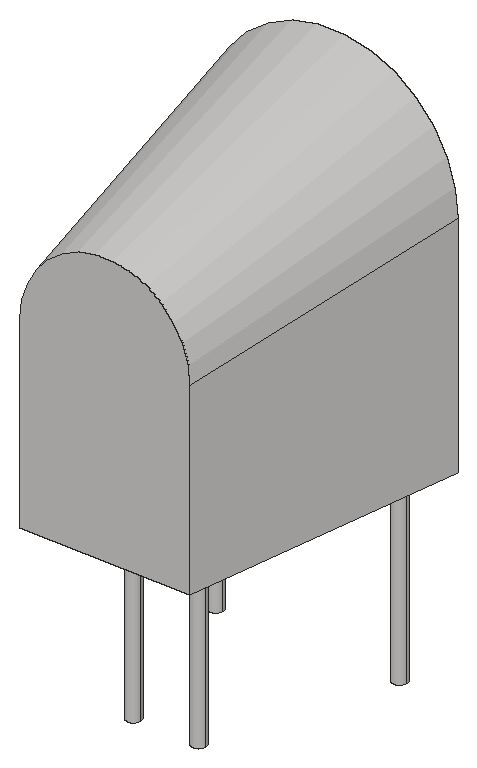
Revit family "PRD_FrankeWS_WCPans_HEAVY-DUTY_HDTX597", category Plumbing Fixtures, host Face, Revit 2018
Family settings
  Host = Face
  Round Connector Dimension = Use Diameter
  Part Type = Normal
  OmniClass Number = 23.45.05.21.11
  OmniClass Title = Water Closets
  Cut with Voids When Loaded = Yes
  Shared = No
  Room Calculation Point = No
Parameters (values of type "HDTX597")
  WaterSupplyOverflowAndWasteHolesWaterSupply = "n/a"
  WaterSupplyOverflowAndWasteHolesWaste = "n/a"
  WaterSupplyOverflowAndWasteHolesOverflow = "n/a"
  WasteSize = 100 mm
  WarrantyStartDate [instance] = "1900-12-31T23:59:59"
  WarrantyGuarantorParts = "n/a"
  WarrantyGuarantorLabor = "n/a"
  WarrantyDurationUnit = "year"
  WarrantyDurationParts = "n/a"
  WarrantyDurationLabor = "n/a"
  WarrantyDescription = "n/a"
  Version = "1"
  Uniclass2015Version = "Products v1.7"
  Uniclass2015Title = "WC pans"
  Uniclass2015Code = "Pr_40_20_93_94"
  URL = "www.kwc.com"
  ToiletType = "LooseCoupled"
  ToiletPanType = "Other"
  TagNumber [instance] = "n/a"
  SustainabilityPerformance = "n/a"
  Standard = "n/a"
  SpilloverLevel = 400.00 mm
  Size = "360 x 400 x 500 mm"
  Shape = "n/a"
  SerialNumber [instance] = "n/a"
  Revision = "n/a"
  ReplacementCost = "n/a"
  ProductInformation = "https://pim.kwc.com/product/2000100729/attachment/datasheet?locale=en"
  PanMounting = "Floor standing"
  PanMaterial = "Stainless steel"
  PanHeight = "400"
  PanColor = "Stainless steel"
  NominalWidth = 360.00 mm
  NominalLength = 500.00 mm
  NominalHeight = 400.00 mm
  NominalDepth = 400.00 mm
  NetWeight = 19.10 kg
  Name = "CAMPUS WC HDTX597"
  NBSTypeID = "n/a"
  NBSReference = "45-35-70/384"
  NBSOfficeMasterTag = "n/a"
  NBSNote = "n/a"
  NBSDescription = "WC pans"
  NBSCertification = "n/a"
  ModelReference = "HDTX597"
  ModelNumber = "2000100729"
  Model = ModelReference  # "HDTX597"
  MinimumFlushingCapacity = "4.00 L"
  MaterialsFinishAndColour = "Stainless steel"
  MaterialsBody = "Stainless steel"
  Material = PRD_AR_StainlessSteel_SatinFinished
  ManufacturerURL = "www.kwc.com"
  ManufacturerName = "KWC Group AG"  # constant formula
  Manufacturer = ManufacturerName  # "KWC Group AG"
  IntegralAccessories = "n/a"
  InstallationDate [instance] = "1900-12-31T23:59:59"
  InletSize = 55 mm
  IfcExportType = "TOILETPAN"
  IfcExportAs = "IfcSanitaryTerminalType"
  GrossWeight = 21.50 kg
  Grade = "n/a"
  Form = "wall hung wc"
  Finish = "Satin finished"
  Features = "stainless steel, 1.50 mm, satin finished, bolt fix with duct wall, 360x400x500 mm (WxHxD)"
  ExpectedLife = "n/a"
  DurationUnit = "year"
  Description = "Campus floor standing WC pan for fitting through duct wall, manufactured from grade 1.4301 (304) stainless steel, material thickness 1.5mm for the pan and shroud - satin polish finish. The WC incorporates a stainless steel P trap 102mm o/d. A separate mounting plate and 4 bolts are provided for mounting the WC through a duct wall. The Campus WC has a pressed seating area that does not require a separate seat in vandal prone installations. However, a seat and lid can be fitted. Complies with BS EN 997 for 4.5 litre flushing. Also complies with the Australian and German test standards."
  Default Elevation = 500.00 mm
  Constituents = "n/a"
  ConnectingDimensions = "n/a"
  CodePerformance = "n/a"
  Category = "Pr_40_20_93_94, WC pans"
  BarCode [instance] = "n/a"
  BIMObjectName = "PRD_AR_WCPans_CAMPUS_HDTX597"
  Author = "Archispace"  # constant formula
  AssetType = "Fixed"
  AssetIdentifier [instance] = "n/a"
  AccessibilityPerformance = "n/a"
Reference planes
  plane 1 "Center (Front/Back)": y = 0
  plane 2: z = 0
  plane 3 "Center (Left/Right)": x = 0
  plane 4: y = -42
  plane 5: y = -292
  plane 6: x = -130
  plane 7: x = 130
  plane 8: x = -46.5
  plane 9: x = 46.5
Forms (mm)
  Extrusion 1, solid, material "PRD_AR_StainlessSteel_SatinFinished" <- "Material", detail levels fine
    sketch origin (0, 0, 0) x (1, 0, 0) y (0, 1, 0)
      loop
        circle (-130, -42) r 10
      loop
        circle (130, -42) r 10
      loop
        circle (-46.5, -292) r 10
      loop
        circle (46.5, -292) r 10
    from -262 to 0
  Extrusion 2, solid, not visible
    sketch origin (0, 0, -260) x (1, 0, 0) y (0, 1, 0)
      loop
        circle (0, -178.254) r 50
      loop
        circle (0, -42.3) r 27.5
    from 260 to 262
  Extrusion 3, void
    sketch origin (0, 0, 0) x (1, 0, 0) y (0, 1, 0)
      loop
        circle (-130, -42) r 10
      loop
        circle (130, -42) r 10
      loop
        circle (-46.5, -292) r 10
      loop
        circle (46.5, -292) r 10
    from -262 to 0
Dimensions and locks
  plane 8 to nested 1 to plane 9 = 46.50 mm, 46.50 mm
  aligned and locked: plane 2 to host face
  aligned and locked: level to host face
Nested families
  nested 1: "CMPX597" at (0, -400, 0) x (1, 0, 0) z (0, 1, 0), type "CMPX597"
Connectors
  piping at (0, -42.3, 0), diameter 55, driven by "InletSize"
    settings: on Extrusion 2, index 1, connector inside diameter 609.6 mm, connector length 0.00 mm, flow factor 0, pipe flow 0.0 L/s, pressure drop 0.0 Pa, fitting loss kfactor 0, connector angle 0.00°, fixture units 0, engagement length 0.00 mm, angle of deflection 0.00°, flow configuration 1, flow direction 1, fitting loss method 0, system type 20, joint type 0, gender type 0, connector reference index -1, connector utility 0, adjustable connector no, is connector primary yes, connector description ""
  piping at (0, -178.254, 0), diameter 100, driven by "WasteSize"
    settings: on Extrusion 2, index 2, connector inside diameter 609.6 mm, connector length 0.00 mm, flow factor 0, pipe flow 0.0 L/s, pressure drop 0.0 Pa, fitting loss kfactor 0, connector angle 0.00°, fixture units 0, engagement length 0.00 mm, angle of deflection 0.00°, flow configuration 1, flow direction 2, fitting loss method 0, system type 16, joint type 0, gender type 0, connector reference index -1, connector utility 0, adjustable connector no, is connector primary no, connector description ""
Definition of nested family "CMPX597"
  Parameters (values of type "CMPX597")
    Manufacturer = ""
    Model = ""
    Materiał = none
    Default Elevation = 1219.20 mm
  Reference planes
    plane 1 "Środek (Przód/Tył)": y = 0
    plane 2: z = 0
    plane 3 "Środek (Lewa/Prawa)": x = 0
    plane 4: z = 400
    plane 5: z = 400
    plane 6: y = -500
    plane 7: y = -385
    plane 8: x = -120.317
    plane 9: x = 120.322
  Forms (mm)
    Blend 1, solid, material <- "Materiał", detail levels fine
      base sketch origin (-500, 0, 0) x (1, 0, 0) y (0, 1, 0)
        loop
          line (379.683, 0) -> (379.683, -264.95)
          arc (379.683, -264.95) -> (500.002, -385.269) -> (620.322, -264.95) r 120.319
          line (620.322, -264.95) -> (620.322, 0) -> (379.683, 0)
      top sketch origin (-500, 0, 0) x (1, 0, 0) y (0, 1, 0)
        loop
          line (321.75, 0) -> (321.75, -321.25)
          arc (321.75, -321.25) -> (500, -499.5) -> (678.25, -321.25) r 178.25
          line (678.25, -321.25) -> (678.25, 0) -> (321.75, 0)
      from 0 to 400
    Extrusion 2, void
      sketch origin (-500, 0, 0) x (1, 0, 0) y (0, 1, 0)
        loop
          line (351.66, -263.5) -> (351.66, -328.5)
          arc (351.66, -328.5) -> (500, -476.84) -> (648.34, -328.5) r 148.34
          line (648.34, -328.5) -> (648.34, -263.5)
          arc (648.34, -263.5) -> (500, -115.16) -> (351.66, -263.5) r 148.34
      from 395 to 400
    Blend 3, void
      base sketch origin (-1643.568, 0, 0) x (1, 0, 0) y (0, 1, 0)
        loop
          circle (1643.568, -250.803) r 35.85
      top sketch origin (-1643.568, 0, 0) x (1, 0, 0) y (0, 1, 0)
        loop
          line (1527.996, -262.945) -> (1527.996, -328.945)
          arc (1527.996, -328.945) -> (1643.496, -444.445) -> (1758.996, -328.945) r 115.5
          line (1758.996, -328.945) -> (1758.996, -262.945)
          arc (1758.996, -262.945) -> (1643.496, -147.445) -> (1527.996, -262.945) r 115.5
      from 163 to 400
    Sweep 4, void
      path origin (0, 0, 0) x (1, 0, 0) y (0, 1, 0)
        loop
          arc (148.34, -263.5) -> (0, -115.16) -> (-148.34, -263.5) r 148.34
          line (-148.34, -263.5) -> (-148.34, -328.5)
          arc (-148.34, -328.5) -> (0, -476.84) -> (148.34, -328.5) r 148.34
          line (148.34, -328.5) -> (148.34, -263.5)
      profile origin (0, -115.16, 0) x (0, -1, 0) y (0, 0, 1)
        loop
          line (0, 395) -> (0, 400) -> (-10, 400)
          arc (-10, 400) -> (-4.41, 398.68) -> (0, 395) r 12.5
    Extrusion 5, solid, material <- "Materiał", detail levels coarse
      sketch origin (0, 0, 0) x (1, 0, 0) y (0, 1, 0)
        loop
          line (-178.25, 0) -> (-178.25, -321.25)
          arc (-178.25, -321.25) -> (0, -499.5) -> (178.25, -321.25) r 178.25
          line (178.25, -321.25) -> (178.25, 0) -> (-178.25, 0)
      from 0 to 400
    Blend 6, solid, material <- "Materiał", detail levels medium
      base sketch origin (-500, 0, 0) x (1, 0, 0) y (0, 1, 0)
        loop
          line (379.683, 0) -> (379.683, -264.95)
          arc (379.683, -264.95) -> (500.002, -385.269) -> (620.322, -264.95) r 120.319
          line (620.322, -264.95) -> (620.322, 0) -> (379.683, 0)
      top sketch origin (-500, 0, 0) x (1, 0, 0) y (0, 1, 0)
        loop
          line (321.75, 0) -> (321.75, -321.25)
          arc (321.75, -321.25) -> (500, -499.5) -> (678.25, -321.25) r 178.25
          line (678.25, -321.25) -> (678.25, 0) -> (321.75, 0)
      from 0 to 400
  Cuts and joins
    Extrusion 2, Blend 3, Sweep 4 cuts Blend 1
  Dimensions and locks
    plane 5 to level = 400.00 mm
    plane 1 "Środek (Przód/Tył)" to plane 6 = 500.00 mm
    plane 1 "Środek (Przód/Tył)" to plane 7 = 385.00 mm
    aligned and locked: plane 4 to cut or joined group of Blend 1, Extrusion 2, Blend 3, Sweep 4
